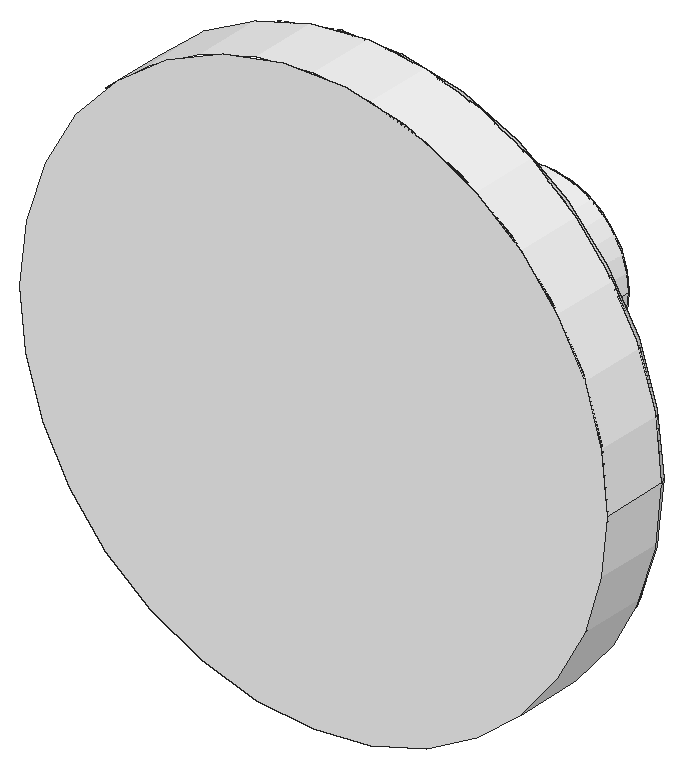
Revit family "CPT-1001_Speakman_Neo_Pressure Balance valve Trim", category Plumbing Fixtures, host Wall, Revit 2023
Family settings
  Host = Wall
  Round Connector Dimension = Use Diameter
  Part Type = Normal
  Enable Cutting in Views = Yes
  Always vertical = Yes
  Cut with Voids When Loaded = No
  Maintain Annotation Orientation = No
  Shared = No
  Room Calculation Point = No
Parameters
  Width = 0' - 3 1/2"
  MATERIAL_CPT-1001 = MATERIAL_CPT-1001
  Dia. = 0' - 2"
  Depth = 0' - 4 1/2"
  Default Elevation = 0' - 0"
Reference planes (in)
  plane 1: y = 0
  plane 2 "Center (Left/Right)": x = 0
  plane 3 "Wall Edge": y = 3
  plane 4 "Center": z = 47.89795
  plane 5: x = 3.5
  plane 6: x = -3.5
  plane 7: z = 51.39844
  plane 8: z = 44.39844
  plane 9: y = 3.9375
  plane 10: y = 6.5
  plane 11: z = 46.89795
  plane 12: z = 48.89795
  plane 13: y = 5.625
  plane 14: y = 5.5625
  plane 15: z = 44.39795
  plane 16: y = 6
  plane 17: y = 5.75
  plane 18: y = 6.25
  plane 19: x = 1
  plane 20: x = -1
  plane 21: x = 0.25
  plane 22: x = -0.25
Forms (in)
  Extrusion 1, solid, material "MATERIAL_CPT-1001" <- "MATERIAL_CPT-1001"
    sketch origin (-59.93593, 3, 0) x (-1, 0, 0) y (0, 0, 1)
      loop
        circle (-59.93593, 47.89795) r 3.5
    from 0 to 0.9375
  Sweep 2, void
    path in 3D
      loop
        arc (-3.5, 3.9375, 47.89795) -> (0, 3.9375, 44.39795) -> (3.5, 3.9375, 47.89795) r 3.5
        arc (3.5, 3.9375, 47.89795) -> (0, 3.9375, 51.39795) -> (-3.5, 3.9375, 47.89795) r 3.5
    profile origin (0, 3.9375, 51.39795) x (0, 0, 1) y (0, 1, 0)
      loop
        line (0, 0) -> (-0.125, 0)
        arc (-0.125, 0) -> (-0.04876, -0.04876) -> (0, -0.125) r 0.2108
        line (0, -0.125) -> (0, 0)
  Revolve 3, solid, material "MATERIAL_CPT-1001" <- "MATERIAL_CPT-1001"
    sketch origin (0, 0, 0) x (0, 1, 0) y (0, 0, 1)
      loop
        line (3.9375, 47.89795) -> (4.125, 47.89795) -> (4.125, 48.89795)
        arc (4.125, 48.89795) -> (4.05048, 48.94843) -> (4, 49.02295) r 0.23837
        line (4, 49.02295) -> (4, 49.05784)
        arc (4, 49.05784) -> (3.9933, 49.07402) -> (3.97711, 49.08073) r 0.02289
        line (3.97711, 49.08073) -> (3.9375, 49.08073) -> (3.9375, 47.89795)
      axis (4.125, 47.89795) -> (3.9375, 47.89795)
    angle from 0 to 360
  Extrusion 4, solid, material "MATERIAL_CPT-1001" <- "MATERIAL_CPT-1001"
    sketch origin (-59.93593, 3, 0) x (-1, 0, 0) y (0, 0, 1)
      loop
        circle (-59.93593, 47.89795) r 1
    from 1.125 to 2.5625
  Extrusion 5, solid, material "MATERIAL_CPT-1001" <- "MATERIAL_CPT-1001"
    sketch origin (-59.93593, 3, 0) x (-1, 0, 0) y (0, 0, 1)
      loop
        circle (-59.93593, 47.89795) r 0.96791
    from 2.5625 to 2.625
  Extrusion 6, solid, material "MATERIAL_CPT-1001" <- "MATERIAL_CPT-1001"
    sketch origin (-59.93593, 3, 0) x (-1, 0, 0) y (0, 0, 1)
      loop
        circle (-59.93593, 47.89795) r 1
    from 2.625 to 3.5
  Sweep 7, void
    path in 3D
      loop
        arc (-1, 6.5, 47.89795) -> (0, 6.5, 46.89795) -> (1, 6.5, 47.89795) r 1
        arc (1, 6.5, 47.89795) -> (0, 6.5, 48.89795) -> (-1, 6.5, 47.89795) r 1
    profile origin (0, 6.5, 48.89795) x (0, 0, 1) y (0, 1, 0)
      loop
        line (0, 0) -> (-0.0625, 0)
        arc (-0.0625, 0) -> (-0.0264, -0.0264) -> (0, -0.0625) r 0.1458
        line (0, -0.0625) -> (0, 0)
  Revolve 8, solid, material "MATERIAL_CPT-1001" <- "MATERIAL_CPT-1001"
    sketch origin (0, 0, 0) x (0, 1, 0) y (0, 0, 1)
      loop
        line (6, 44.39795) -> (6, 46.97396) -> (5.80261, 46.97396) -> (5.80261, 46.36472)
        arc (5.80261, 46.36472) -> (5.79645, 46.34906) -> (5.78126, 46.34179) r 0.02298
        arc (5.78126, 46.34179) -> (5.75903, 46.33116) -> (5.75, 46.30822) r 0.03366
        line (5.75, 46.30822) -> (5.75, 44.42647)
        arc (5.75, 44.42647) -> (5.75835, 44.4063) -> (5.77853, 44.39795) r 0.02853
        line (5.77853, 44.39795) -> (6, 44.39795)
      axis (6, 46.97396) -> (6, 44.39795)
    angle from 0 to 360
Cuts and joins
  Sweep 2 cuts Extrusion 1
  Sweep 7 cuts Extrusion 6
  joined: Extrusion 1, Revolve 3, Extrusion 4, Extrusion 5, Extrusion 6, Revolve 8
Lines and regions (in)
  sketch lines
    curve 1: arc (3.5, 3.9375, 47.89795) -> (0, 3.9375, 51.39795) -> (-3.5, 3.9375, 47.89795) r 3.5
    curve 2: arc (-3.5, 3.9375, 47.89795) -> (0, 3.9375, 44.39795) -> (3.5, 3.9375, 47.89795) r 3.5
    curve 3: arc (1, 6.5, 47.89795) -> (0, 6.5, 48.89795) -> (-1, 6.5, 47.89795) r 1
    curve 4: arc (-1, 6.5, 47.89795) -> (0, 6.5, 46.89795) -> (1, 6.5, 47.89795) r 1
  symbolic lines
    curve 5: line (0, 6.22174, 46.34109) -> (0, 5.77977, 46.34109)
    curve 6: line (0, 6.19755, 46.36459) -> (0, 5.80264, 46.36459)
    curve 7: line (0.19824, 3, 46.3596) -> (-0.19808, 3, 46.3596)
    curve 8: line (0.21936, 3, 46.34169) -> (-0.21856, 3, 46.34169)
Text (in)
  text "Placement Side" at (0, 40.15149, 123.01588), in view "Right"
  text "Placement Side" at (-70.3804, 28.46503, 0), in view "Ref. Level"
  text "Placement Side" at (0, 81.62555, 140.59947), in view "Left"
Dimensions and locks (in)
  locked: plane 3 "Wall Edge" to host wall
  level to plane 4 "Center" = 3' - 11.89795"
  equal spacing: plane 5, plane 2 "Center (Left/Right)", plane 6
  plane 5 to plane 6 = 0' - 7"
  locked: plane 8 to plane 7 at 7
  locked: plane 9 to host wall at 0.9375
  "Width": plane 10 to host wall
  "Dia.": plane 12 to plane 11
  "Depth": plane 12 to plane 15
  locked: plane 18 to plane 17 at 0.5
  plane 15 to plane 4 "Center" = 0' - 3 1/2"
  plane 20 to plane 19 = 0' - 2"  (x2)
  plane 22 to plane 21 = 0' - 0 1/2"
  plane 6 to plane 5 = 0' - 7"
  plane 3 "Wall Edge" to plane 10 = 0' - 3 1/2"
  plane 13 to plane 10 = 0' - 0 7/8"  (x2)
  plane 8 to plane 7 = 0' - 7"
  host wall to plane 9 = 0' - 0 15/16"
  plane 4 "Center" to plane 15 = 0' - 3 1/2"  (x2)
  plane 17 to plane 18 = 0' - 0 1/2"
  plane 3 "Wall Edge" to plane 9 = 0' - 0 15/16"
  plane 10 to plane 13 = 0' - 0 7/8"
  plane 11 to plane 12 = 0' - 2"
  plane 15 to plane 7 = 0' - 7.00049"
  aligned and locked: Extrusion 4 to plane 14
  aligned and locked: Extrusion 5 to plane 13
  aligned and locked: Extrusion 6 to plane 10
  aligned and locked: plane 13 to Extrusion 6
  aligned and locked: plane 14 to Extrusion 5
  aligned and locked: Revolve 8 sketch curve to plane 15
  aligned and locked: Revolve 8 sketch curve to plane 16
Automatic sketch dimensions
  Extrusion 1 sketch curve to plane 2 "Center (Left/Right)" = 0' - 0"
  Extrusion 1 sketch curve to plane 4 "Center" = 0' - 0"
  Sweep 2 sketch curve to profile plane = 0' - 0"
  profile plane to Sweep 2 sketch curve = 0' - 0"
  profile plane to Sweep 2 sketch curve = 0' - 0 1/8"
  profile plane to Sweep 2 sketch curve = 0' - 0.19782"
  Sweep 2 sketch curve to profile plane = 0' - 0 1/8"
  Revolve 3 sketch curve to plane 4 "Center" = 0' - 0"
  Revolve 3 sketch curve to plane 9 = 0' - 0"
  Revolve 3 sketch curve to plane 12 = 0' - 0"
  plane 9 to Revolve 3 sketch curve = 0' - 0.03961"
  Revolve 3 sketch curve to Revolve 3 sketch curve = 0' - 0.02289"
  Revolve 3 sketch curve to Revolve 3 sketch curve = 0' - 0 1/8"
  Revolve 3 sketch curve to Revolve 3 sketch curve = 0' - 0.21904"
  plane 12 to Revolve 3 sketch curve = 0' - 0 1/8"
  Revolve 3 sketch curve to Revolve 3 sketch curve = 0' - 0.03489"
  Extrusion 4 sketch curve to plane 2 "Center (Left/Right)" = 0' - 0"
  Extrusion 4 sketch curve to plane 4 "Center" = 0' - 0"
  Extrusion 5 sketch curve to plane 2 "Center (Left/Right)" = 0' - 0"
  Extrusion 5 sketch curve to plane 4 "Center" = 0' - 0"
  Extrusion 6 sketch curve to plane 2 "Center (Left/Right)" = 0' - 0"
  Extrusion 6 sketch curve to plane 4 "Center" = 0' - 0"
  Sweep 7 sketch curve to profile plane = 0' - 0"
  profile plane to Sweep 7 sketch curve = 0' - 0"
  profile plane to Sweep 7 sketch curve = 0' - 0.12949"
  Sweep 7 sketch curve to profile plane = 0' - 0.12949"
  profile plane to Sweep 7 sketch curve = 0' - 0 1/16"
  Revolve 8 sketch curve to plane 17 = 0' - 0"
  plane 11 to Revolve 8 sketch curve = 0' - 0.07601"
  Revolve 8 sketch curve to plane 17 = 0' - 0.02853"
  Revolve 8 sketch curve to plane 17 = 0' - 0.02963"
  Revolve 8 sketch curve to Revolve 8 sketch curve = 0' - 0.03366"
  Revolve 8 sketch curve to plane 11 = 0' - 0.58973"
  Revolve 8 sketch curve to Revolve 8 sketch curve = 0' - 0"  (x2)
  Revolve 8 sketch curve to Revolve 8 sketch curve = 0' - 0.02298"
  Revolve 8 sketch curve to plane 11 = 0' - 0"
  Revolve 8 sketch curve to plane 16 = 0' - 0"
  Revolve 8 sketch curve to Revolve 8 sketch curve = 0' - 0.72133"
  curve 5 to plane 17 = 0' - 0.02977"
  curve 5 to plane 11 = 0' - 0.55686"
  curve 5 to curve 6 = 0' - 0.02287"
  plane 18 to curve 6 = 0' - 0.05245"
  plane 18 to curve 5 = 0' - 0.02826"
  curve 5 to curve 6 = 0' - 0.02351"
  plane 21 to curve 8 = 0' - 0.03064"
  curve 8 to plane 11 = 0' - 0.55625"
  curve 8 to curve 7 = 0' - 0.02112"
  curve 7 to plane 22 = 0' - 0.05192"
  curve 7 to curve 8 = 0' - 0.02048"
  curve 8 to curve 7 = 0' - 0.0179"
  radius of Extrusion 1 sketch curve = 0' - 3 1/2"
  radius of Extrusion 4 sketch curve = 0' - 1"
  radius of Extrusion 5 sketch curve = 0' - 0.96791"
  radius of Extrusion 6 sketch curve = 0' - 1"
